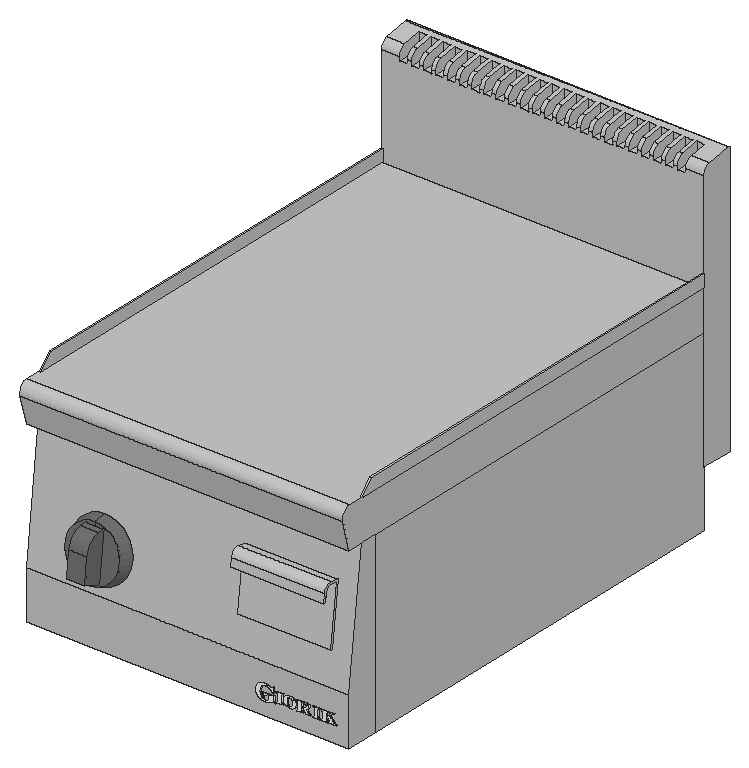
Revit family "QF_GIORIK_LGE4901", category Specialty Equipment, Revit 2014
Parameters (values of type "LGE4901")
  Weight in Pounds = 90.3894
  Watts = 3600 W
  Volts = 230 V
  URL Cutsheet = "www.giorik.com"
  URL = "www.giorik.com"
  Status [instance] = ""
  Specification by User [instance] = ""
  Specification by Manufacturer = ""
  Show Logo [instance] = yes
  Show Clearance [instance] = yes
  Serial Number = ""
  Seismic Rating = ""
  SMACNA No = ""
  Revision Code [instance] = ""
  Phase = 1
  Number of Poles [instance] = 1
  NAFEM Spec ID Number = ""
  Model = "LGE4901"
  Min Ckt Ampacity = 0 A
  Max Overcurrent Protection = 0 A
  Masterspec = ""
  Manufacturer = "GIORIK"
  Item Number [instance] = ""
  Installed By [instance] = ""
  Identify Quantity as Lot [instance] = no
  HP = "4.827672000000"
  Furnished By [instance] = ""
  Foodservice Equipment Identifier [instance] = yes
  FL Amps = 0 A
  Electrical Remarks [instance] = ""
  Electric Connection Type [instance] = ""
  Elec Conn RI Height [instance] = 0 mm
  Elec Conn Connection Height [instance] = 45 mm
  Description = "GRIDDLE SMOOTH"
  Cycle = 50 Hz
  Conn Plug = ""
  CSI MasterFormat = ""
  Assembly Code = "E1090320"
  Apparent Power = 3600 VA
Reference planes
  plane 1 "Back": y = 0
  plane 2: z = 0
  plane 3 "Left": x = 0
  plane 4 "Right": x = 400
  plane 5 "Front": y = -600
  plane 6 "Top": z = 430
Forms (mm)
  Extrusion 1, solid
    sketch origin (0, 1000, -580) x (0, 1, 0) y (0, 0, 1)
      loop
        line (-1040.007, 869.975) -> (-1589.445, 869.975)
        arc (-1589.445, 869.975) -> (-1598.171, 865.672) -> (-1600.069, 856.13) r 10.999
        line (-1600.069, 856.13) -> (-1590.388, 820) -> (-1040.007, 820) -> (-1040.007, 869.975)
    from 0 to 400
  Extrusion 2, solid
    sketch origin (0, 0, -560) x (0, 1, 0) y (0, 0, 1)
      loop
        line (-570.06, 849.975) -> (-40.007, 849.975) -> (-40.007, 865.387) -> (-554.648, 865.387) -> (-570.06, 849.975)
    from 0 to 1.85
  Extrusion 3, solid
    sketch origin (0, 0, -560) x (0, 1, 0) y (0, 0, 1)
      loop
        line (-40.007, 800) -> (-550, 800) -> (-550, 580) -> (-40.007, 580) -> (-40.007, 800)
    from 0 to 400
  Extrusion 4, solid
    sketch origin (0, 0, -560) x (0, 1, 0) y (0, 0, 1)
      loop
        line (-550, 800) -> (-570.5, 800) -> (-590, 640) -> (-590, 580) -> (-550, 580) -> (-550, 800)
    from 0 to 400
  Revolve 5, solid
    sketch origin (100.155, 0.456, -560.03) x (0, 1, 0) y (0, 0, 1)
      loop
        line (-598.03, 706.389) -> (-594.27, 737.013) -> (-609.648, 734.852) -> (-613.772, 701.269) -> (-581.482, 697.305) -> (-580.629, 704.252) -> (-598.03, 706.389)
      axis (-581.482, 697.305) -> (-613.772, 701.269)
    angle from 0 to 360
  Extrusion 6, solid
    sketch origin (398.094, 0, -560) x (0, 1, 0) y (0, 0, 1)
      loop
        line (-570.06, 849.975) -> (-40.007, 849.975) -> (-40.007, 865.387) -> (-554.648, 865.387) -> (-570.06, 849.975)
    from -0.15 to 1.906
  Extrusion 7, solid
    sketch origin (0, 0, -560) x (0, 1, 0) y (0, 0, 1)
      loop
        line (-40.007, 974.217) -> (-40.007, 650.827) -> (0, 650.827) -> (0, 988.42)
        arc (0, 988.42) -> (-0.57, 989.648) -> (-1.878, 990) r 1.6
        line (-1.878, 990) -> (-31.072, 984.852)
        arc (-31.072, 984.852) -> (-37.477, 981.162) -> (-40.007, 974.217) r 10.797
    from 0 to 400
  Extrusion 8, solid
    sketch origin (-62.831, 0.456, -560.03) x (0, 1, 0) y (0, 0, 1)
      loop
        line (-635.843, 711.553) -> (-639.647, 680.575) -> (-617.415, 671.593) -> (-610.135, 730.882) -> (-617.934, 729.786)
        arc (-617.934, 729.786) -> (-629.982, 723.708) -> (-635.843, 711.553) r 20.998
    from 151.831 to 173.831
  Extrusion 9, solid
    sketch origin (368.319, 0, -561) x (1, 0, 0) y (0, 0, 1)
      loop
        circle (-38.319, 606) r 12.5
    from 20.007 to 40.007
  Extrusion 10, solid, visible <- "Show Logo"
    sketch origin (191.604, -590.5, -6.113) x (-1, 0, 0) y (0, 0, 1)
      loop
        line (-118.824, 58.358) -> (-127.804, 58.358) -> (-125.523, 56.445) -> (-125.523, 48.027) -> (-127.804, 46.113) -> (-118.824, 46.113) -> (-121.105, 48.027) -> (-121.105, 56.445) -> (-118.824, 58.358)
      loop
        line (-163.721, 58.358) -> (-172.7, 58.358) -> (-170.42, 56.445) -> (-170.42, 48.027) -> (-172.7, 46.113) -> (-163.721, 46.113) -> (-166.001, 48.027) -> (-166.001, 56.445) -> (-163.721, 58.358)
      loop
        line (-174.332, 58.358) -> (-183.312, 58.358) -> (-181.031, 56.445) -> (-181.031, 52.435) -> (-186.419, 56.955) -> (-184.416, 58.358) -> (-191.268, 58.358) -> (-188.01, 56.839) -> (-185.455, 54.283) -> (-190.846, 47.858) -> (-193.396, 46.93) -> (-193.396, 46.113) -> (-184.416, 46.113) -> (-185.437, 47.571) -> (-182.443, 51.552) -> (-181.031, 50.894) -> (-181.031, 48.027) -> (-183.312, 46.113) -> (-174.332, 46.113) -> (-176.613, 48.027) -> (-176.613, 56.445) -> (-174.332, 58.358)
      loop
        line (-115.429, 62.063) -> (-115.429, 54.198)
        arc (-115.429, 54.198) -> (-111.618, 57.803) -> (-106.847, 59.986) r 16.039
        arc (-106.847, 59.986) -> (-103.314, 59.837) -> (-100.512, 57.68) r 5.851
        arc (-100.512, 57.68) -> (-98.815, 52.267) -> (-100.512, 46.853) r 9.479
        arc (-100.512, 46.853) -> (-102.406, 44.986) -> (-104.846, 43.93) r 7.236
        arc (-104.846, 43.93) -> (-107.728, 44.111) -> (-110.052, 45.825) r 5.11
        line (-110.052, 45.825) -> (-110.052, 52.001) -> (-116.141, 52.001) -> (-116.141, 45.503) -> (-117.893, 43.751) -> (-114.094, 44.769)
        arc (-114.094, 44.769) -> (-112.56, 44.947) -> (-111.129, 44.366) r 3.115
        arc (-111.129, 44.366) -> (-104.216, 42.091) -> (-97.303, 44.366) r 11.641
        arc (-97.303, 44.366) -> (-93.396, 52.107) -> (-97.303, 59.849) r 9.622
        arc (-97.303, 59.849) -> (-104.369, 62.174) -> (-111.435, 59.849) r 11.898
        line (-111.435, 59.849) -> (-115.429, 62.063)
      loop
        arc (-129.234, 56.068) -> (-135.893, 58.628) -> (-142.552, 56.068) r 9.941
        arc (-142.552, 56.068) -> (-144.234, 52.286) -> (-142.552, 48.505) r 5.093
        arc (-142.552, 48.505) -> (-135.893, 45.945) -> (-129.234, 48.505) r 9.941
        arc (-129.234, 48.505) -> (-127.552, 52.286) -> (-129.234, 56.068) r 5.093
      loop
        arc (-132.628, 54.403) -> (-135.893, 57.668) -> (-139.158, 54.403) r 3.265
        line (-139.158, 54.403) -> (-139.158, 50.169)
        arc (-139.158, 50.169) -> (-135.893, 46.904) -> (-132.628, 50.169) r 3.265
        line (-132.628, 50.169) -> (-132.628, 54.403)
      loop
        arc (-156.363, 58.365) -> (-159.647, 55.081) -> (-156.363, 51.796) r 3.285
        line (-156.363, 51.796) -> (-159.529, 47.306) -> (-162.087, 46.113) -> (-155.847, 46.113) -> (-153.529, 51.083) -> (-150.637, 51.083) -> (-150.637, 47.784) -> (-153.022, 46.113) -> (-144.011, 46.113) -> (-146.094, 47.68) -> (-146.094, 56.493) -> (-144.229, 58.365) -> (-156.363, 58.365)
      loop
        line (-150.637, 57.512) -> (-153.637, 57.512)
        arc (-153.637, 57.512) -> (-156.237, 54.912) -> (-153.637, 52.312) r 2.6
        line (-153.637, 52.312) -> (-150.637, 52.312) -> (-150.637, 57.512)
      loop
        line (-108.924, 52.001) -> (-104.936, 49.005) -> (-100.948, 52.001) -> (-108.924, 52.001)
    from 1.5 to -0.5
  Extrusion 11, void
    sketch origin (7.5, 0, 430) x (0, 1, 0) y (-1, 0, 0)
      loop
        line (-40.007, -25) -> (-9.931, -25) -> (-9.931, -15) -> (-40.007, -15) -> (-40.007, -25)
      loop
        line (-40.007, -40) -> (-9.931, -40) -> (-9.931, -30) -> (-40.007, -30) -> (-40.007, -40)
      loop
        line (-40.007, -55) -> (-9.931, -55) -> (-9.931, -45) -> (-40.007, -45) -> (-40.007, -55)
      loop
        line (-40.007, -70) -> (-9.931, -70) -> (-9.931, -60) -> (-40.007, -60) -> (-40.007, -70)
      loop
        line (-40.007, -85) -> (-9.931, -85) -> (-9.931, -75) -> (-40.007, -75) -> (-40.007, -85)
      loop
        line (-40.007, -100) -> (-9.931, -100) -> (-9.931, -90) -> (-40.007, -90) -> (-40.007, -100)
      loop
        line (-40.007, -115) -> (-9.931, -115) -> (-9.931, -105) -> (-40.007, -105) -> (-40.007, -115)
      loop
        line (-40.007, -130) -> (-9.931, -130) -> (-9.931, -120) -> (-40.007, -120) -> (-40.007, -130)
      loop
        line (-40.007, -145) -> (-9.931, -145) -> (-9.931, -135) -> (-40.007, -135) -> (-40.007, -145)
      loop
        line (-40.007, -160) -> (-9.931, -160) -> (-9.931, -150) -> (-40.007, -150) -> (-40.007, -160)
      loop
        line (-40.007, -175) -> (-9.931, -175) -> (-9.931, -165) -> (-40.007, -165) -> (-40.007, -175)
      loop
        line (-40.007, -190) -> (-9.931, -190) -> (-9.931, -180) -> (-40.007, -180) -> (-40.007, -190)
      loop
        line (-40.007, -205) -> (-9.931, -205) -> (-9.931, -195) -> (-40.007, -195) -> (-40.007, -205)
      loop
        line (-40.007, -220) -> (-9.931, -220) -> (-9.931, -210) -> (-40.007, -210) -> (-40.007, -220)
      loop
        line (-40.007, -235) -> (-9.931, -235) -> (-9.931, -225) -> (-40.007, -225) -> (-40.007, -235)
      loop
        line (-40.007, -250) -> (-9.931, -250) -> (-9.931, -240) -> (-40.007, -240) -> (-40.007, -250)
      loop
        line (-40.007, -265) -> (-9.931, -265) -> (-9.931, -255) -> (-40.007, -255) -> (-40.007, -265)
      loop
        line (-40.007, -280) -> (-9.931, -280) -> (-9.931, -270) -> (-40.007, -270) -> (-40.007, -280)
      loop
        line (-40.007, -295) -> (-9.931, -295) -> (-9.931, -285) -> (-40.007, -285) -> (-40.007, -295)
      loop
        line (-40.007, -310) -> (-9.931, -310) -> (-9.931, -300) -> (-40.007, -300) -> (-40.007, -310)
      loop
        line (-40.007, -325) -> (-9.931, -325) -> (-9.931, -315) -> (-40.007, -315) -> (-40.007, -325)
      loop
        line (-40.007, -340) -> (-9.931, -340) -> (-9.931, -330) -> (-40.007, -330) -> (-40.007, -340)
      loop
        line (-40.007, -355) -> (-9.931, -355) -> (-9.931, -345) -> (-40.007, -345) -> (-40.007, -355)
      loop
        line (-40.007, -370) -> (-9.931, -370) -> (-9.931, -360) -> (-40.007, -360) -> (-40.007, -370)
    from 0 to -20
  Extrusion 12, solid
    sketch origin (566.603, 15.293, -30) x (0, 1, 0) y (-1, 0, 0)
      loop
        circle (-79.293, 516.603) r 5
    from 41.965 to 50
  Revolve 13, solid
    sketch origin (50, 19.943, -600) x (0, 1, 0) y (0, 0, 1)
      loop
        line (-83.943, 611.965) -> (-94.752, 611.965) -> (-97.943, 600) -> (-83.943, 600) -> (-83.943, 611.965)
      axis (-83.943, 611.965) -> (-83.943, 600)
    angle from 0 to 360
  Extrusion 14, solid
    sketch origin (-166.603, 15.293, -30) x (0, 1, 0) y (-1, 0, 0)
      loop
        circle (-79.293, -516.603) r 5
    from 41.965 to 50
  Revolve 15, solid
    sketch origin (350, 19.943, -600) x (0, 1, 0) y (0, 0, -1)
      loop
        line (-83.943, -611.965) -> (-83.943, -600) -> (-97.943, -600) -> (-94.752, -611.965) -> (-83.943, -611.965)
      axis (-83.943, -611.965) -> (-83.943, -600)
    angle from 0 to 360
  Extrusion 16, solid
    sketch origin (566.603, -459.707, -30) x (0, 1, 0) y (-1, 0, 0)
      loop
        circle (-79.293, 516.603) r 5
    from 41.965 to 50
  Revolve 17, solid
    sketch origin (50, -455.057, -600) x (0, 1, 0) y (0, 0, 1)
      loop
        line (-83.943, 611.965) -> (-94.752, 611.965) -> (-97.943, 600) -> (-83.943, 600) -> (-83.943, 611.965)
      axis (-83.943, 611.965) -> (-83.943, 600)
    angle from 0 to 360
  Extrusion 18, solid
    sketch origin (-166.603, -459.707, -30) x (0, 1, 0) y (-1, 0, 0)
      loop
        circle (-79.293, -516.603) r 5
    from 41.965 to 50
  Revolve 19, solid
    sketch origin (350, -455.057, -600) x (0, 1, 0) y (0, 0, -1)
      loop
        line (-83.943, -611.965) -> (-83.943, -600) -> (-97.943, -600) -> (-94.752, -611.965) -> (-83.943, -611.965)
      axis (-83.943, -611.965) -> (-83.943, -600)
    angle from 0 to 360
  Extrusion 20, solid
    sketch origin (122.5, -693.138, -437.283) x (0, 0.992655, -0.12098) y (0, 0.12098, 0.992655)
      loop
        line (40, 640.1) -> (30, 640.1)
        arc (30, 640.1) -> (22.929, 637.171) -> (20, 630.1) r 10
        line (20, 630.1) -> (20, 620.1) -> (22, 620.1) -> (22, 630.1)
        arc (22, 630.1) -> (24.343, 635.757) -> (30, 638.1) r 8
        line (30, 638.1) -> (38, 638.1) -> (38, 565.1) -> (40, 565.1) -> (40, 640.1)
    from 137.5 to 252.5
Cuts and joins
  Extrusion 11 cuts Extrusion 7
Lines and regions (mm)
  symbolic lines, style "200-EquipBorder-2D"
    curve 1: line (400, 0, 0) -> (0, 0, 0)
    curve 2: line (0, 0, 0) -> (0, -600, 0)
    curve 80: line (400, -600, 430) -> (400, 0, 430)
    curve 81: line (400, -600, 430) -> (0, -600, 430)
    curve 82: spline (89, -617.202, 990) -> (85.789, -617.041, 990) -> (82.73, -616.841, 990) -> (79.856, -616.604, 990) -> (77.196, -616.332, 990) -> (74.779, -616.028, 990) -> (72.63, -615.696, 990) -> (70.772, -615.338, 990) -> (69.225, -614.96, 990) -> (68.004, -614.563, 990) -> (67.122, -614.154, 990) -> (66.59, -613.736, 990) -> (66.412, -613.313, 990)
    curve 83: spline (134.073, -613.408, 990) -> (133.819, -613.826, 990) -> (133.218, -614.239, 990) -> (132.275, -614.643, 990) -> (131.001, -615.033, 990) -> (129.408, -615.405, 990) -> (127.513, -615.755, 990) -> (125.336, -616.08, 990) -> (122.898, -616.376, 990) -> (120.227, -616.641, 990) -> (117.348, -616.871, 990) -> (114.293, -617.065, 990) -> (111.091, -617.219, 990)
    curve 84: line (66.412, -613.313, 990) -> (62.735, -600, 990)
    curve 85: line (134.073, -613.408, 990) -> (137.578, -600, 990)
    curve 86: line (89, -639.19, 430) -> (89, -609.679, 430)
    curve 87: line (89, -639.19, 430) -> (111, -639.19, 430)
    curve 88: line (111, -639.19, 430) -> (111, -609.679, 430)
    curve 89: spline (66.412, -613.313, 430) -> (67.564, -612.264, 430) -> (70.941, -611.286, 430) -> (76.314, -610.446, 430) -> (83.316, -609.802, 430) -> (91.47, -609.396, 430) -> (100.22, -609.258, 430) -> (108.97, -609.396, 430) -> (117.124, -609.802, 430) -> (124.126, -610.446, 430) -> (129.499, -611.286, 430) -> (132.877, -612.264, 430) -> (134.029, -613.313, 430)
    curve 90: line (89, -609.679, 430) -> (111, -609.679, 430)
  symbolic lines, style "200-EquipInternal-2D"
    curve 3: line (400, -40.007, 430) -> (0, -40.007, 430)
    curve 4: line (397.944, -570.06, 430) -> (400, -570.06, 430)
    curve 5: line (397.944, -40.007, 430) -> (397.944, -570.06, 430)
    curve 6: line (0, -570.06, 430) -> (1.85, -570.06, 430)
    curve 7: line (1.85, -570.06, 430) -> (1.85, -40.007, 430)
    curve 8: line (22.5, -9.931, 290) -> (22.5, -40.007, 290)
    curve 9: line (32.5, -40.007, 290) -> (32.5, -9.931, 290)
    curve 10: line (37.5, -9.931, 290) -> (37.5, -40.007, 290)
    curve 11: line (47.5, -40.007, 290) -> (47.5, -9.931, 290)
    curve 12: line (52.5, -9.931, 290) -> (52.5, -40.007, 290)
    curve 13: line (62.5, -40.007, 290) -> (62.5, -9.931, 290)
    curve 14: line (82.5, -9.931, 290) -> (82.5, -40.007, 290)
    curve 15: line (92.5, -40.007, 290) -> (92.5, -9.931, 290)
    curve 16: line (97.5, -9.931, 290) -> (97.5, -40.007, 290)
    curve 17: line (107.5, -40.007, 290) -> (107.5, -9.931, 290)
    curve 18: line (137.5, -40.007, 290) -> (137.5, -9.931, 290)
    curve 19: line (127.5, -9.931, 290) -> (127.5, -40.007, 290)
    curve 20: line (152.5, -40.007, 290) -> (152.5, -9.931, 290)
    curve 21: line (157.5, -9.931, 290) -> (157.5, -40.007, 290)
    curve 22: line (167.5, -40.007, 290) -> (167.5, -9.931, 290)
    curve 23: line (142.5, -9.931, 290) -> (142.5, -40.007, 290)
    curve 24: line (197.5, -40.007, 290) -> (197.5, -9.931, 290)
    curve 25: line (187.5, -9.931, 290) -> (187.5, -40.007, 290)
    curve 26: line (202.5, -9.931, 290) -> (202.5, -40.007, 290)
    curve 27: line (212.5, -40.007, 290) -> (212.5, -9.931, 290)
    curve 28: line (217.5, -9.931, 290) -> (217.5, -40.007, 290)
    curve 29: line (227.5, -40.007, 290) -> (227.5, -9.931, 290)
    curve 30: line (247.5, -9.931, 290) -> (247.5, -40.007, 290)
    curve 31: line (257.5, -40.007, 290) -> (257.5, -9.931, 290)
    curve 32: line (262.5, -9.931, 290) -> (262.5, -40.007, 290)
    curve 33: line (272.5, -40.007, 290) -> (272.5, -9.931, 290)
    curve 34: line (277.5, -9.931, 290) -> (277.5, -40.007, 290)
    curve 35: line (287.5, -40.007, 290) -> (287.5, -9.931, 290)
    curve 36: line (317.5, -40.007, 290) -> (317.5, -9.931, 290)
    curve 37: line (307.5, -9.931, 290) -> (307.5, -40.007, 290)
    curve 38: line (332.5, -40.007, 290) -> (332.5, -9.931, 290)
    curve 39: line (322.5, -9.931, 290) -> (322.5, -40.007, 290)
    curve 40: line (337.5, -9.931, 290) -> (337.5, -40.007, 290)
    curve 41: line (347.5, -40.007, 290) -> (347.5, -9.931, 290)
    curve 42: line (367.5, -9.931, 290) -> (367.5, -40.007, 290)
    curve 43: line (377.5, -40.007, 290) -> (377.5, -9.931, 290)
    curve 44: line (377.5, -9.931, 290) -> (367.5, -9.931, 290)
    curve 45: line (347.5, -9.931, 290) -> (337.5, -9.931, 290)
    curve 46: line (332.5, -9.931, 290) -> (322.5, -9.931, 290)
    curve 47: line (317.5, -9.931, 290) -> (307.5, -9.931, 290)
    curve 48: line (272.5, -9.931, 290) -> (262.5, -9.931, 290)
    curve 49: line (107.5, -9.931, 290) -> (97.5, -9.931, 290)
    curve 50: line (92.5, -9.931, 290) -> (82.5, -9.931, 290)
    curve 51: line (62.5, -9.931, 290) -> (52.5, -9.931, 290)
    curve 52: line (32.5, -9.931, 290) -> (22.5, -9.931, 290)
    curve 53: line (137.5, -9.931, 290) -> (127.5, -9.931, 290)
    curve 54: line (152.5, -9.931, 290) -> (142.5, -9.931, 290)
    curve 55: line (167.5, -9.931, 290) -> (157.5, -9.931, 290)
    curve 56: line (197.5, -9.931, 290) -> (187.5, -9.931, 290)
    curve 57: line (212.5, -9.931, 290) -> (202.5, -9.931, 290)
    curve 58: line (227.5, -9.931, 290) -> (217.5, -9.931, 290)
    curve 59: line (257.5, -9.931, 290) -> (247.5, -9.931, 290)
    curve 60: line (47.5, -9.931, 290) -> (37.5, -9.931, 290)
    curve 61: line (67.5, -9.931, 430) -> (67.5, -40.007, 430)
    curve 62: line (77.5, -40.007, 430) -> (77.5, -9.931, 430)
    curve 63: line (77.5, -9.931, 430) -> (67.5, -9.931, 430)
    curve 64: line (112.5, -9.931, 430) -> (112.5, -40.007, 430)
    curve 65: line (122.5, -40.007, 430) -> (122.5, -9.931, 430)
    curve 66: line (122.5, -9.931, 430) -> (112.5, -9.931, 430)
    curve 67: line (172.5, -9.931, 430) -> (172.5, -40.007, 430)
    curve 68: line (182.5, -40.007, 430) -> (182.5, -9.931, 430)
    curve 69: line (182.5, -9.931, 430) -> (172.5, -9.931, 430)
    curve 70: line (232.5, -9.931, 430) -> (232.5, -40.007, 430)
    curve 71: line (242.5, -40.007, 430) -> (242.5, -9.931, 430)
    curve 72: line (242.5, -9.931, 430) -> (232.5, -9.931, 430)
    curve 73: line (287.5, -9.931, 430) -> (277.5, -9.931, 430)
    curve 74: line (302.5, -9.931, 430) -> (292.5, -9.931, 430)
    curve 75: line (292.5, -9.931, 430) -> (292.5, -40.007, 430)
    curve 76: line (302.5, -40.007, 430) -> (302.5, -9.931, 430)
    curve 77: line (352.5, -9.931, 430) -> (352.5, -40.007, 430)
    curve 78: line (362.5, -40.007, 430) -> (362.5, -9.931, 430)
    curve 79: line (362.5, -9.931, 430) -> (352.5, -9.931, 430)
Dimensions and locks
  plane 3 "Left" to plane 4 "Right" = 400 mm
  plane 5 "Front" to plane 1 "Back" = 600 mm
  plane 4 "Right" to plane 3 "Left" = 400 mm
  plane 1 "Back" to plane 5 "Front" = 600 mm
  plane 6 "Top" to level = 430 mm  (x2)
  aligned and locked: level to plane 2
Connectors
  electrical at (330, -40.007, 45), driven by "Apparent Power", driven by "Volts", driven by "Number of Poles"
    settings: on Extrusion 9, index 1, voltage 230 V, apparent load 0 VA, apparent load phase1 3600 VA, apparent load phase2 0 VA, apparent load phase3 0 VA, power factor 1, load classification "Other", number of poles 1, system type 31, power factor state 1, is connector primary yes, connector utility no, sub classification motor no, connector description "Electrical connection"
